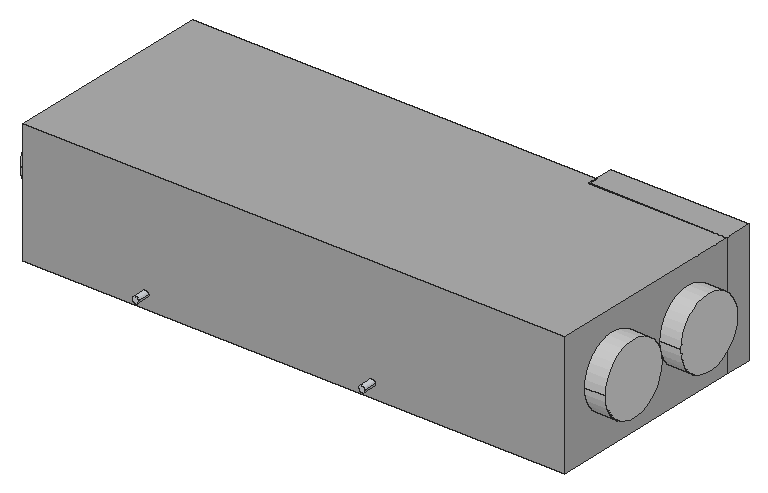
Revit family "BLAUBERG-KOMFORT_EC_DBE_300_Left", category Mechanical Equipment, Revit 2019
Family settings
  Round Connector Dimension = Use Diameter
  Classification = None
  Part Type = Normal
  OmniClass Number = 23.75.35.14
  OmniClass Title = Air Handling Units
  Work Plane-Based = No
  Always vertical = Yes
  Cut with Voids When Loaded = No
  Shared = No
  Room Calculation Point = No
Parameters (values of type "KOMFORT EC DBE 300 L S21")
  Weight = 44.00 kg
  LDrainCon = 28 mm
  Heater power = 1500 W
  Maximum Unit Power Without Electric Heater = 180 W
  Maximum Unit Current Without Electric Heater = 1.4 A
  Maximum Unit Current With Electric Heater = 7.9 A
  Heat Exchanger Material = "polystyrene"
  LDuctCon = 50 mm  # constant formula
  HDrainCon = 31 mm
  H = 280 mm
  Front Maintenance Zone Width = H  # 280 mm
  Front Maintenance Zone Length = L  # 1238 mm
  ElBoxB1 = 22 mm
  ElBoxB = 62 mm
  ElBoxL = 315 mm
  DrainPipe = yes
  DrainD = if(Drain Connection Diameter = 0 mm, 1 mm, Drain Connection Diameter)  # 14 mm
  Drain Flow [instance] = 0.0 L/s
  Drain Connection Diameter = 14 mm
  LDrainCon2 = 440 mm
  LDrainCon1 = 280 mm
  DPS_H = 174 mm
  DPS_L2 = 394 mm
  DPS_L1 = 132 mm
  B2 = 135 mm
  Air Flow Factor [instance] = 1  # constant formula
  B1 = 135 mm
  Air Flow Exhaust [instance] = 0 m³/h
  L = 1238 mm
  Voltage = 230 V
  URL = "https://blaubergventilatoren.de/en/product/komfort-ec-dbe-300-l-s21"
  Type Comments = "Air Handling Unit KOMFORT EC DBE 300 L S21"
  Transported Air Temperature (°C) = "-25…+40"
  Supply Air Filter = "G4 (F7 option)"
  Sound Pressure Level at 3 m (dBA) = 27
  SEC Class = "A"
  RPM (min-1) = 3270
  Power Factor = 1
  Power = Maximum Unit Power Without Electric Heater + Heater power  # 1680 W
  Number of Poles = 1
  Model = "KOMFORT EC DBE 300 L S21"
  Maximum Air Flow = 340 m³/h
  Manufacturer = "Blauberg"
  Maintenance Zone Material = Maintenance Zone
  Front Maintenance Zone Height = 500 mm
  Maintenance Zone [instance] = no
  Load Classification = HVAC
  B = 485 mm
  Heat recovery efficiency (%) = "72..90"
  Heat Exchanger Type = "counter-flow"
  H1 = 128 mm
  Metal Material = Metal Zinc
  Family Version = "1.0"  # constant formula
  Extract Air Filter = "G4"
  Duct Connection Diameter = 160 mm
  Description = "Air Handling Unit"
  D = Duct Connection Diameter  # 160 mm
  Current = Maximum Unit Current With Electric Heater  # 7.9 A
  Copyright = "©Blauberg"
  Casing Material = Painted Steel Gray
  Apparent Power [instance] = Power / Power Factor  # 1680 VA
  Air Flow Supply [instance] = 0 m³/h
Types (2, lengths in mm): name | Heat Exchanger Material | DrainPipe | DrainD | Drain Connection Diameter | URL | Type Comments | Model | Heat recovery efficiency (%)
  KOMFORT EC DBE 300 L S21 | "polystyrene" | yes | 14 | 14 | "https://blaubergventilatoren.de/en/product/komfort-ec-dbe-300-l-s21" | "Air Handling Unit KOMFORT EC DBE 300 L S21" | "KOMFORT EC DBE 300 L S21" | "72..90"
  KOMFORT EC DBE 300-E L S21 | "enthalpy" | no | 1 | 0 | "https://blaubergventilatoren.de/en/product/komfort-ec-dbe-300-e-l-s21" | "Air Handling Unit KOMFORT EC DBE 300-E L S21" | "KOMFORT EC DBE 300-E L S21" | "69..87"
Reference planes
  plane 1 "Center (Front/Back)": y = 0
  plane 2: z = 0
  plane 3 "Center (Left/Right)": x = 0
  plane 4 "Back": y = 242.5
  plane 5 "Front": y = -242.5
  plane 6 "L": x = -619
  plane 7 "R": x = 619
  plane 8 "DuctConB2": y = 107.5
  plane 9 "DuctConB1": y = -107.5
  plane 10: x = -669
  plane 11: x = 669
  plane 12 "Top": z = 128
  plane 13 "Bottom": z = -152
  plane 14 "DrainConH": z = -121
  plane 15 "DrainConL1": x = -339
  plane 16 "DrainConL2": x = 179
  plane 17 "S": y = -270.5
  plane 18 "ElBox": y = 220.5
  plane 19: y = 282.5
  plane 20: x = 304
  plane 21 "DPSL1": x = 225
  plane 22 "DPSL2": x = -487
  plane 23: z = -46
Forms (mm)
  Extrusion 1, solid, material "Painted Steel Gray" <- "Casing Material", detail levels medium+fine
    sketch origin (0, 0, 0) x (1, 0, 0) y (0, 1, 0)
      loop
        line (-619, 242.5) -> (-619, -242.5) -> (619, -242.5) -> (619, 220.5) -> (304, 220.5) -> (304, 242.5) -> (-619, 242.5)
    from -152 to 128
  Extrusion 2, solid, material "Metal Zinc" <- "Metal Material", detail levels medium+fine
    sketch origin (-619, 0, 0) x (0, 1, 0) y (0, 0, 1)
      loop
        circle (107.5, 0) r 80
      loop
        circle (-107.5, 0) r 80
    from 0 to -50
  Extrusion 3, solid, material "Metal Zinc" <- "Metal Material", detail levels medium+fine
    sketch origin (619, 0, 0) x (0, 1, 0) y (0, 0, 1)
      loop
        circle (107.5, 0) r 80
      loop
        circle (-107.5, 0) r 80
    from 0 to 50
  Extrusion 4, solid, visible <- "DrainPipe", detail levels medium+fine
    sketch origin (0, -242.5, 0) x (-1, 0, 0) y (0, 0, 1)
      loop
        circle (339, -121) r 7
    from 0 to -28
  Extrusion 5, solid, visible <- "DrainPipe", detail levels medium+fine
    sketch origin (0, -242.5, 0) x (-1, 0, 0) y (0, 0, 1)
      loop
        circle (-179, -121) r 7
    from 0 to -28
  Extrusion 6, solid, material "Painted Steel Gray" <- "Casing Material", detail levels medium+fine
    sketch origin (0, 0, 0) x (1, 0, 0) y (0, 1, 0)
      loop
        line (304, 282.5) -> (304, 220.5) -> (619, 220.5) -> (619, 282.5) -> (304, 282.5)
    from -152 to 128
Lines and regions (mm)
  model lines, detail levels coarse
    curve 1: line (-619, 242.5, 0) -> (619, 242.5, 0)
    curve 2: line (-619, -242.5, 0) -> (-619, 242.5, 0)
    curve 3: line (619, -242.5, 0) -> (-619, -242.5, 0)
    curve 4: line (619, 242.5, 0) -> (619, -242.5, 0)
    curve 5: line (-619, 107.5, 0) -> (-669, 107.5, 0)
    curve 6: line (-619, -107.5, 0) -> (-669, -107.5, 0)
    curve 7: line (619, -107.5, 0) -> (669, -107.5, 0)
    curve 8: line (619, 107.5, 0) -> (669, 107.5, 0)
Dimensions and locks
  equal spacing: plane 6 "L", plane 3 "Center (Left/Right)", plane 7 "R"
  "L": plane 6 "L" to plane 7 "R"
  equal spacing: plane 4 "Back", plane 1 "Center (Front/Back)", plane 5 "Front"
  "B": plane 4 "Back" to plane 5 "Front"
  "B1": plane 4 "Back" to plane 8 "DuctConB2"
  "B2": plane 9 "DuctConB1" to plane 5 "Front"
  "LDuctCon": plane 10 to plane 6 "L"
  "LDuctCon": plane 7 "R" to plane 11
  "H1": plane 12 "Top" to level
  "H": plane 12 "Top" to plane 13 "Bottom"
  "HDrainCon": plane 14 "DrainConH" to plane 13 "Bottom"
  "LDrainCon1": plane 6 "L" to plane 15 "DrainConL1"
  "LDrainCon2": plane 16 "DrainConL2" to plane 7 "R"
  "LDrainCon": plane 5 "Front" to plane 17 "S"
  "ElBoxB": plane 19 to plane 18 "ElBox"
  "ElBoxL": plane 20 to plane 7 "R"
  "DPS_L1": plane 6 "L" to plane 22 "DPSL2"
  "DPS_L2": plane 21 "DPSL1" to plane 7 "R"
  "DPS_H": plane 12 "Top" to plane 23
  "ElBoxB1": plane 4 "Back" to plane 18 "ElBox"
  "D": diameter of Extrusion 2 sketch curve  (x2)
  "D": diameter of Extrusion 3 sketch curve  (x2)
  "DrainD": diameter of Extrusion 4 sketch curve
  "DrainD": diameter of Extrusion 5 sketch curve
  aligned and locked: level to plane 2
  aligned and locked: Extrusion 1 sketch curve to plane 4 "Back"
  aligned and locked: plane 6 "L" to Extrusion 1 sketch curve
  aligned and locked: plane 5 "Front" to Extrusion 1 sketch curve
  aligned and locked: Extrusion 1 sketch curve to plane 7 "R"
  aligned and locked: plane 12 "Top" to Extrusion 1
  aligned and locked: Extrusion 1 to plane 13 "Bottom"
  aligned and locked: plane 11 to Extrusion 3
  aligned and locked: Extrusion 2 to plane 10
  aligned and locked: Extrusion 4 to plane 17 "S"
  aligned and locked: Extrusion 5 to plane 17 "S"
  aligned and locked: Extrusion 6 sketch curve to plane 19
  aligned and locked: plane 18 "ElBox" to Extrusion 6 sketch curve
  aligned and locked: Extrusion 6 sketch curve to plane 7 "R"
  aligned and locked: plane 12 "Top" to Extrusion 6
  aligned and locked: Extrusion 6 to plane 13 "Bottom"
  aligned and locked: plane 20 to Extrusion 6 sketch curve
  aligned and locked: plane 20 to Extrusion 1 sketch curve
  aligned and locked: plane 18 "ElBox" to Extrusion 1 sketch curve
  aligned and locked: nested 1 to plane 21 "DPSL1"
  aligned and locked: nested 1 to plane 23
  aligned and locked: nested 2 to plane 23
  aligned and locked: nested 2 to plane 22 "DPSL2"
  aligned and locked: nested 3 to plane 3 "Center (Left/Right)"
  aligned and locked: plane 12 "Top" to nested 3
  aligned and locked: curve 1 to nested 3
  aligned and locked: curve 3 to Extrusion 1
  aligned and locked: curve 4 to Extrusion 1
  aligned and locked: plane 10 to curve 5
  aligned and locked: plane 6 "L" to curve 5
  aligned and locked: plane 8 "DuctConB2" to curve 5
  aligned and locked: plane 10 to curve 6
  aligned and locked: plane 6 "L" to curve 6
  aligned and locked: plane 9 "DuctConB1" to curve 6
  aligned and locked: plane 11 to curve 7
  aligned and locked: plane 7 "R" to curve 7
  aligned and locked: curve 7 to plane 9 "DuctConB1"
  aligned and locked: plane 11 to curve 8
  aligned and locked: curve 8 to plane 8 "DuctConB2"
Automatic sketch dimensions
  Extrusion 2 sketch curve to level = 0 mm  (x2)
  Extrusion 2 sketch curve to plane 9 "DuctConB1" = 0 mm
  Extrusion 2 sketch curve to plane 8 "DuctConB2" = 0 mm
  Extrusion 3 sketch curve to level = 0 mm  (x2)
  Extrusion 3 sketch curve to plane 9 "DuctConB1" = 0 mm
  Extrusion 3 sketch curve to plane 8 "DuctConB2" = 0 mm
  Extrusion 4 sketch curve to plane 14 "DrainConH" = 0 mm
  Extrusion 4 sketch curve to plane 15 "DrainConL1" = 0 mm
  Extrusion 5 sketch curve to plane 14 "DrainConH" = 0 mm
  Extrusion 5 sketch curve to plane 16 "DrainConL2" = 0 mm
Nested families
  nested 1: "DPS" at (225, 242.5, -46) x (-1, 0, 0) z (0, 1, 0), type "DPS", detail levels medium+fine
  nested 2: "DPS" at (-487, 242.5, -46) x (-1, 0, 0) z (0, 1, 0), type "DPS", detail levels medium+fine
  nested 3: "MaintenanceZone_Rect" at (0, 242.5, -12) x (-1, 0, 0) z (0, -1, 0), visible <- "Maintenance Zone", type "Side", detail levels medium+fine
    with Maintenance Zone Width 280 mm, Maintenance Zone Length 1238 mm, Maintenance Zone Height 500 mm
Connectors
  electrical at (619, 251.5, -12), driven by "Number of Poles", driven by "Load Classification", driven by "Voltage", driven by "Apparent Power", driven by "Power Factor"
    settings: on Extrusion 6, index 1, voltage 230 V, apparent load 1680 VA, apparent load phase1 0 VA, apparent load phase2 0 VA, apparent load phase3 0 VA, power factor 1, load classification "HVAC", number of poles 1, system type 30, power factor state 1, is connector primary yes, connector utility no, sub classification motor no, connector description ""
  hvac at (669, -107.5, 0), driven by "Duct Connection Diameter", driven by "Air Flow Supply"
    settings: on Extrusion 3, index 2, duct flow 0 m³/h, flow factor 0, pres drop 0.0 Pa, loss coef 0, conn angle 0.00°, conn width 304.8 mm, conn height 304.8 mm, conn diameter 160 mm, duct sys type 1, conn prof type 0, flow config 0, flow direction 2, loss method 0, conn ref index -1, conn util no, is conn primary yes, conn desc "Supply Air"
  hvac at (669, 107.5, 0), driven by "Duct Connection Diameter", driven by "Air Flow Exhaust"
    settings: on Extrusion 3, index 3, duct flow 0 m³/h, flow factor 0, pres drop 0.0 Pa, loss coef 0, conn angle 0.00°, conn width 304.8 mm, conn height 304.8 mm, conn diameter 160 mm, duct sys type 3, conn prof type 0, flow config 0, flow direction 1, loss method 0, conn ref index -1, conn util no, is conn primary no, conn desc "Extract Air"
  hvac at (-669, 107.5, 0), driven by "Duct Connection Diameter", driven by "Air Flow Supply"
    settings: on Extrusion 2, index 4, duct flow 0 m³/h, flow factor 0, pres drop 0.0 Pa, loss coef 0, conn angle 0.00°, conn width 304.8 mm, conn height 304.8 mm, conn diameter 160 mm, duct sys type 1, conn prof type 0, flow config 1, flow direction 1, loss method 0, conn ref index -1, conn util no, is conn primary no, conn desc "Intake Air"
  hvac at (-669, -107.5, 0), driven by "Duct Connection Diameter", driven by "Air Flow Exhaust"
    settings: on Extrusion 2, index 5, duct flow 0 m³/h, flow factor 0, pres drop 0.0 Pa, loss coef 0, conn angle 0.00°, conn width 304.8 mm, conn height 304.8 mm, conn diameter 160 mm, duct sys type 3, conn prof type 0, flow config 1, flow direction 2, loss method 0, conn ref index -1, conn util no, is conn primary no, conn desc "Exhaust Air"
  piping at (-339, -270.5, -121), diameter 14, driven by "Drain Connection Diameter", driven by "Drain Flow"
    settings: on Extrusion 4, index 6, connector inside diameter 609.6 mm, connector length 0 mm, flow factor 0, pipe flow 0.0 L/s, pressure drop 0.0 Pa, fitting loss kfactor 0, connector angle 0.00°, fixture units 0, engagement length 0 mm, angle of deflection 0.00°, flow configuration 1, flow direction 2, fitting loss method 0, system type 16, joint type 0, gender type 0, connector reference index -1, connector utility 0, adjustable connector no, is connector primary yes, connector description ""
  piping at (179, -270.5, -121), diameter 14, driven by "Drain Connection Diameter", driven by "Drain Flow"
    settings: on Extrusion 5, index 7, connector inside diameter 609.6 mm, connector length 0 mm, flow factor 0, pipe flow 0.0 L/s, pressure drop 0.0 Pa, fitting loss kfactor 0, connector angle 0.00°, fixture units 0, engagement length 0 mm, angle of deflection 0.00°, flow configuration 1, flow direction 2, fitting loss method 0, system type 16, joint type 0, gender type 0, connector reference index -1, connector utility 0, adjustable connector no, is connector primary no, connector description ""
Definition of nested family "DPS"
  Parameters (values of type "DPS")
    W1 = 65 mm
    Thikness = 2 mm
    Material = none
    H1 = 47 mm
    Default Elevation = 1219.2 mm
  Reference planes
    plane 1 "Center (Front/Back)": y = 0
    plane 2: z = 0
    plane 3 "Center (Left/Right)": x = 0
    plane 4: z = 47
    plane 5: z = 51.5
    plane 6: z = 75.5
    plane 7: z = 78
    plane 8: z = 92
    plane 9: z = 86
    plane 10: x = -32.5
    plane 11: x = 32.5
    plane 12 "1": y = 50
    plane 13: y = 48
    plane 14: z = 45
    plane 15 "2": y = -22
    plane 16: z = 64
  Forms (mm)
    Revolve 1, solid, material <- "Material"
      sketch origin (0, 0, 0) x (1, 0, 0) y (0, 0, 1)
        loop
          line (-40.5, 47) -> (0, 47) -> (0, 92) -> (-31, 92) -> (-35, 86) -> (-35, 78) -> (-37.309, 78) -> (-37.309, 75.5) -> (-36, 75.5) -> (-36, 51.5) -> (-40.5, 51.5) -> (-40.5, 47)
        axis (0, 92) -> (0, 47)
      angle from 0 to 360
    Extrusion 2, solid, material <- "Material"
      sketch origin (0, 0, 0) x (0, 1, 0) y (0, 0, 1)
        loop
          line (50, 0) -> (50, 47) -> (0, 47) -> (0, 45) -> (48, 45) -> (48, 0) -> (50, 0)
      from -32.5 to 32.5
    Extrusion 3, solid, material <- "Material"
      sketch origin (0, 0, 0) x (0, 1, 0) y (0, 0, 1)
        loop
          circle (-22, 64) r 10
      from 0 to 50
  Cuts and joins
    joined: Revolve 1, Extrusion 3
  Dimensions and locks
    locked: plane 5 to plane 4 at 4.5
    locked: plane 6 to plane 5 at 24
    locked: plane 7 to plane 6 at 2.5
    locked: plane 8 to plane 9 at 6
    locked: plane 9 to plane 7 at 8
    "H1": plane 4 to level
    equal spacing: plane 11, plane 3 "Center (Left/Right)", plane 10
    "W1": plane 11 to plane 10
    "Thikness": plane 4 to plane 14
    "Thikness": plane 12 "1" to plane 13
    locked: plane 1 "Center (Front/Back)" to plane 12 "1" at 50
    locked: plane 15 "2" to plane 1 "Center (Front/Back)" at 22
    plane 16 to plane 4 = 17 mm
    aligned and locked: level to plane 2
    aligned and locked: Revolve 1 sketch curve to plane 3 "Center (Left/Right)"  (x2)
    aligned and locked: plane 6 to Revolve 1 sketch curve
    aligned and locked: plane 7 to Revolve 1 sketch curve
    aligned and locked: plane 5 to Revolve 1 sketch curve
    aligned and locked: plane 8 to Revolve 1 sketch curve
    aligned and locked: Extrusion 2 sketch curve to plane 13
    aligned and locked: plane 14 to Extrusion 2 sketch curve
    aligned and locked: Extrusion 2 sketch curve to plane 1 "Center (Front/Back)"
    aligned and locked: Extrusion 2 to plane 10
    aligned and locked: plane 11 to Extrusion 2
  Automatic sketch dimensions
    Revolve 1 sketch curve to plane 4 = 0 mm
    Revolve 1 sketch curve to plane 9 = 0 mm
    Revolve 1 sketch curve to plane 3 "Center (Left/Right)" = 31 mm
    Revolve 1 sketch curve to Revolve 1 sketch curve = 4 mm
    Revolve 1 sketch curve to Revolve 1 sketch curve = 1 mm
    Revolve 1 sketch curve to Revolve 1 sketch curve = 1.309 mm
    Revolve 1 sketch curve to Revolve 1 sketch curve = 4.5 mm
    Revolve 1 sketch curve to Revolve 1 sketch curve = 27.818 mm
    Revolve 1 sketch curve to Revolve 1 sketch curve = 2.182 mm
    Extrusion 2 sketch curve to level = 0 mm
    Extrusion 2 sketch curve to plane 12 "1" = 0 mm
    Extrusion 2 sketch curve to plane 4 = 0 mm
    Extrusion 3 sketch curve to plane 15 "2" = 0 mm
    Extrusion 3 sketch curve to plane 16 = 0 mm
    radius of Extrusion 3 sketch curve = 10 mm
Definition of nested family "MaintenanceZone_Rect"
  Parameters (values of type "MaintenanceZone_Rect")
    Maintenance Zone Width = 500 mm
    Material = none
    Maintenance Zone Length = 1000 mm
    Maintenance Zone Height = 300 mm
    Family Version = ""
    Default Elevation = 1219.2 mm
    Copyright = ""
  Reference planes
    plane 1 "Center (Front/Back)": y = 0
    plane 2: z = 0
    plane 3 "Center (Left/Right)": x = 0
    plane 4: x = -500
    plane 5: x = 500
    plane 6: y = 250
    plane 7: y = -250
    plane 8: z = -300
  Forms (mm)
    Extrusion 1, solid, material <- "Material", detail levels medium+fine
      sketch origin (0, 0, 0) x (1, 0, 0) y (0, 1, 0)
        loop
          line (-500, 250) -> (-500, -250) -> (500, -250) -> (500, 250) -> (-500, 250)
      from 0 to -300
  Lines and regions (mm)
    symbolic lines, detail levels medium+fine
      curve 1: line (-500, 0, 0) -> (500, 0, 0)
      curve 2: line (-500, 0, -300) -> (-500, 0, 0)
      curve 3: line (500, 0, -300) -> (-500, 0, -300)
      curve 4: line (500, 0, 0) -> (500, 0, -300)
      curve 5: line (0, 250, 0) -> (0, -250, 0)
      curve 6: line (0, 250, -300) -> (0, 250, 0)
      curve 7: line (0, -250, -300) -> (0, 250, -300)
      curve 8: line (0, -250, 0) -> (0, -250, -300)
      curve 9: line (-500, 250, 0) -> (500, 250, 0)
      curve 10: line (-500, -250, 0) -> (-500, 250, 0)
      curve 11: line (500, -250, 0) -> (-500, -250, 0)
      curve 12: line (500, 250, 0) -> (500, -250, 0)
  Dimensions and locks
    equal spacing: plane 6, plane 1 "Center (Front/Back)", plane 7
    equal spacing: plane 4, plane 3 "Center (Left/Right)", plane 5
    "Maintenance Zone Width": plane 6 to plane 7
    "Maintenance Zone Length": plane 4 to plane 5
    "Maintenance Zone Height": plane 2 to plane 8
    aligned and locked: level to plane 2
    aligned and locked: Extrusion 1 sketch curve to plane 6
    aligned and locked: plane 4 to Extrusion 1 sketch curve
    aligned and locked: plane 7 to Extrusion 1 sketch curve
    aligned and locked: Extrusion 1 sketch curve to plane 5
    aligned and locked: Extrusion 1 to plane 8
    aligned and locked: curve 1 to Extrusion 1
    aligned and locked: curve 2 to Extrusion 1
    aligned and locked: curve 3 to Extrusion 1
    aligned and locked: curve 4 to Extrusion 1
    aligned and locked: curve 5 to Extrusion 1
    aligned and locked: curve 6 to Extrusion 1
    aligned and locked: curve 7 to Extrusion 1
    aligned and locked: curve 8 to Extrusion 1
    aligned and locked: curve 9 to Extrusion 1
    aligned and locked: curve 10 to Extrusion 1
    aligned and locked: curve 11 to Extrusion 1
    aligned and locked: curve 12 to Extrusion 1
